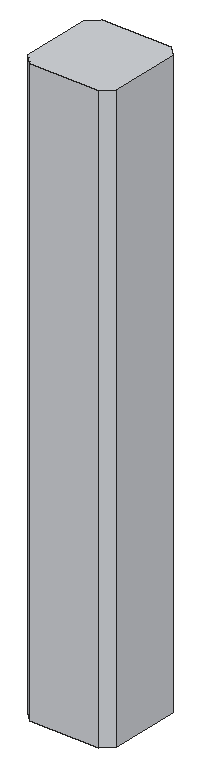
Revit family "모따기 기둥", category 기둥, Revit 2026
Family settings
  로드될 때 보이드를 사용하여 절단 = 아니오
  자동으로 형상을 벽에 결합합니다 = 예
  공유 = 아니오
  평면도에서 미리 절단된 패밀리 표시 = 예
Parameters (values of type "457 x 457mm")
  깊이 = 457 mm
  재료 = none
  간격띄우기 베이스 = 0 mm
  간격띄우기 상단 = 0 mm
  폭 = 457 mm
Types (4, lengths in mm): name | 깊이 | 폭
  (no name) | 457 | 457
  457 x 457mm | 457 | 457
  457 x 610mm | 610 | 457
  610 x 610mm | 610 | 610
Reference planes
  plane 1 "중심(앞/뒤)": y = 0
  plane 2: z = 0
  plane 3 "중심(왼쪽/오른쪽)": x = 15.208
  plane 4 "왼쪽": x = -213.292
  plane 5 "오른쪽": x = 243.708
  plane 6 "뒤로": y = 228.5
  plane 7 "앞면": y = -228.5
  plane 8: z = 3000
  plane 9: z = 0
Forms (mm)
  Extrusion 1, solid, material <- "재료"
    sketch origin (0, 0, 0) x (1, 0, 0) y (0, 1, 0)
      loop
        line (-162.292, 228.5) -> (-213.292, 177.5) -> (-213.292, -177.5) -> (-162.292, -228.5) -> (192.708, -228.5) -> (243.708, -177.5) -> (243.708, 177.5) -> (192.708, 228.5) -> (-162.292, 228.5)
    from 0 to 3000
Dimensions and locks
  equal spacing: plane 4 "왼쪽", plane 3 "중심(왼쪽/오른쪽)", plane 5 "오른쪽"
  equal spacing: plane 7 "앞면", plane 1 "중심(앞/뒤)", plane 6 "뒤로"
  "폭": plane 4 "왼쪽" to plane 5 "오른쪽"
  "깊이": plane 7 "앞면" to plane 6 "뒤로"
  "간격띄우기 상단": level to plane 8
  "간격띄우기 베이스": plane 9 to level
  aligned and locked: Extrusion 1 to plane 9
  aligned and locked: plane 8 to Extrusion 1
Automatic sketch dimensions
  Extrusion 1 sketch curve to plane 4 "왼쪽" = 0 mm
  Extrusion 1 sketch curve to plane 7 "앞면" = 0 mm
  Extrusion 1 sketch curve to plane 6 "뒤로" = 0 mm
  Extrusion 1 sketch curve to plane 5 "오른쪽" = 0 mm
  Extrusion 1 sketch curve to plane 4 "왼쪽" = 51 mm  (x2)
  plane 5 "오른쪽" to Extrusion 1 sketch curve = 51 mm  (x2)
  Extrusion 1 sketch curve to plane 7 "앞면" = 51 mm  (x2)
  plane 6 "뒤로" to Extrusion 1 sketch curve = 51 mm  (x2)
